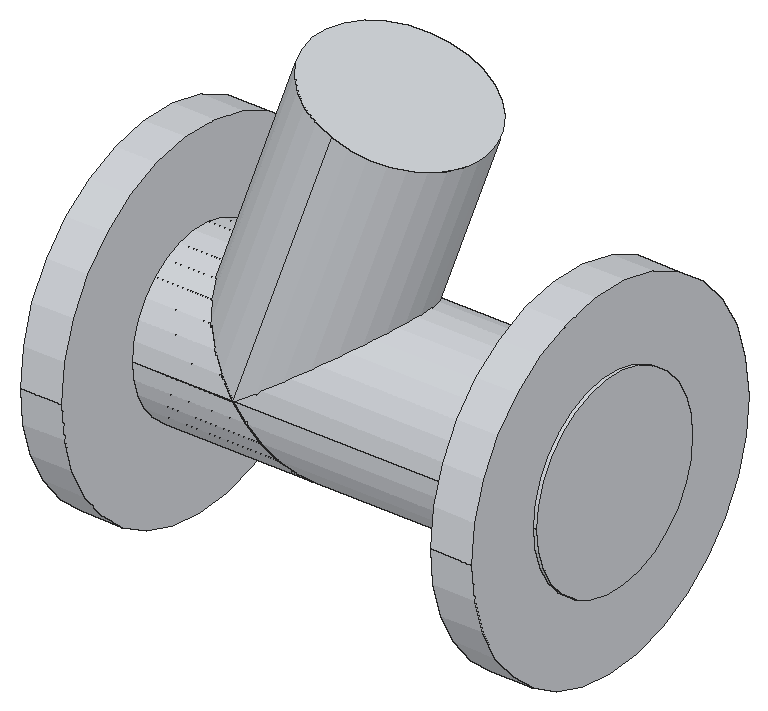
Revit family "447-DN040-RFA_2019", category Pipe Accessories, Revit 2019
Family settings
  Round Connector Dimension = Use Diameter
  Part Type = Valve - Breaks Into
  Work Plane-Based = No
  Always vertical = Yes
  Cut with Voids When Loaded = No
  Shared = No
Parameters (values of type "447-DN040")
  magiProductId = "1b02107dafeb4f5588628c478854c2"
  magiProductFamilyId = "b72cb932c1b3471491e3d369876ba1"
  magiPartTypeId = 304
  isMeasuringValve [instance] = no
  ang2D [instance] = 0.00°
  X2 = 42.71 mm
  X1 = 28 mm
  W2D = 100 mm
  VersionID = "2.0/2017.9.26.1/ZETKAMA_447_001"
  Use Minimum Symbol Size [instance] = yes
  URL = "http://www.hydronix.cz"
  Type Comments = "přírubový; PN16; -10~+120°C"
  S = 84 mm
  QmdConnectorList = "301;D;302;D"
  Productdata [instance] = ""
  Manufacturer = "Hydronix"
  MC Product Code = "447 040 (DN40; PN16 kvs22,36)"
  MC Piping Given Pressure Drop [instance] = 0.0 Pa
  LM1 = 16 mm
  LM = 160 mm
  L2D_Min = 3048 mm
  L2D = 350 mm
  L2 = 100 mm
  HH1 = 117.345 mm
  FD = 150 mm
  Description = "Ruční vyvažovací ventil přírubový; DN40; PN16; kvs22,36"
  DT = 74 mm
  D = 40 mm
  CC = 2 mm
  CAT0 = yes
  C1 = 18 mm
  C = 20 mm
Types (10, lengths in mm): name | magiProductId | X2 | X1 | S | MC Product Code | LM1 | LM | L2 | HH1 | FD | Description | DT | D | CC | C1 | C
  447-DN100 | "98b46d48787042dd9a812fc0797c69" | 79.261 | 49 | 156 | "447 100 (DN100; PN16 kvs184,7)" | 28 | 280 | 175 | 217.769 | 220 | "Ruční vyvažovací ventil přírubový; DN100; PN16; kvs184,7" | 130 | 100 | 3.5 | 31.5 | 35
  447-DN125 | "02b47ccb17f74d08923d86f3fe118e" | 86.541 | 56 | 184 | "447 125 (DN125; PN16 kvs285,1)" | 32 | 320 | 200 | 237.769 | 250 | "Ruční vyvažovací ventil přírubový; DN125; PN16; kvs285,1" | 130 | 125 | 4 | 36 | 40
  447-DN150 | "7f7b5672e2b748ca8839732ddacd1d" | 95.64 | 67.2 | 211 | "447 150 (DN150; PN16 kvs390,2)" | 38.4 | 384 | 240 | 262.769 | 285 | "Ruční vyvažovací ventil přírubový; DN150; PN16; kvs390,2" | 130 | 150 | 4.8 | 43.2 | 48
  447-DN200 | "e1019e6fc9b647ceac6d31797e2f53" | 155.411 | 84 | 266 | "447 200 (DN200; PN16 kvs710)" | 48 | 480 | 300 | 426.987 | 340 | "Ruční vyvažovací ventil přírubový; DN200; PN16; kvs710" | 310 | 200 | 6 | 54 | 60
  447-DN250 | "a0eac83e29f84220b7ba68901aa49e" | 171.789 | 102.2 | 319 | "447 250 (DN250; PN16 kvs1188)" | 58.4 | 584 | 365 | 471.987 | 405 | "Ruční vyvažovací ventil přírubový; DN250; PN16; kvs1188" | 310 | 250 | 7.3 | 65.7 | 73
  447-DN300 | "476300b2e87f4f20bd49d272c44436" | 175.429 | 119 | 370 | "447 300 (DN300; PN16 kvs1504)" | 68 | 680 | 425 | 481.987 | 460 | "Ruční vyvažovací ventil přírubový; DN300; PN16; kvs1504" | 310 | 300 | 8.5 | 76.5 | 85
  447-DN040 | "1b02107dafeb4f5588628c478854c2" | 42.71 | 28 | 84 | "447 040 (DN40; PN16 kvs22,36)" | 16 | 160 | 100 | 117.345 | 150 | "Ruční vyvažovací ventil přírubový; DN40; PN16; kvs22,36" | 74 | 40 | 2 | 18 | 20
  447-DN050 | "5ed7087ff739473a8b86e2dbbe5062" | 42.71 | 32.2 | 99 | "447 050 (DN50; PN16 kvs32,15)" | 18.4 | 184 | 115 | 117.345 | 165 | "Ruční vyvažovací ventil přírubový; DN50; PN16; kvs32,15" | 74 | 50 | 2.3 | 20.7 | 23
  447-DN065 | "bd77367604f142d88050bf73c88c7b" | 71.982 | 40.6 | 118 | "447 065 (DN65; PN16 kvs88,8)" | 23.2 | 232 | 145 | 197.769 | 185 | "Ruční vyvažovací ventil přírubový; DN65; PN16; kvs88,8" | 130 | 65 | 2.9 | 26.1 | 29
  447-DN080 | "7399fcf493614c92ad9035a8ac3adf" | 71.982 | 43.4 | 132 | "447 080 (DN80; PN16 kvs113,4)" | 24.8 | 248 | 155 | 197.769 | 200 | "Ruční vyvažovací ventil přírubový; DN80; PN16; kvs113,4" | 130 | 80 | 3.1 | 27.9 | 31
Reference planes
  plane 1 "Center (Front/Back)": y = 0
  plane 2 "XYPLANE": z = 0
  plane 3 "Center (Left/Right)": x = 0
  plane 4 "110": x = 6.71
  plane 5 "109": z = 117.345
  plane 6 "108": x = -36
  plane 7 "107": x = 98
  plane 8 "106": x = -98
  plane 9 "105": z = 0
  plane 10 "104": y = 0
  plane 11 "103": x = -100
  plane 12 "102": x = 100
  plane 13 "100": x = -80
  plane 14 "99": x = 80
  plane 15 "98": x = -64
Forms (mm)
  Extrusion 1, solid, visible <- "CAT0"
    sketch origin (-80, -750, 0) x (0, 1, 0) y (0, 0, 1)
      loop
        circle (750, 0) r 37
    from 0 to 160 <- "LM"
  Sweep 2, solid, visible <- "CAT0"
    path origin (750, 0, 0) x (-1, 0, 0) y (0, 0, 1)
      loop
        line (830, 0) -> (786, 0) -> (743.29, 117.345)
    profile origin (-80, 0, 0) x (0, 0, -1) y (0, 1, 0)
      loop
        circle (0, 0) r 37
  Extrusion 3, solid
    sketch origin (98, -750, 0) x (0, 1, 0) y (0, 0, 1)
      loop
        circle (750, 0) r 42
    from 0 to 2 <- "CC"
  Extrusion 4, solid
    sketch origin (80, -750, 0) x (0, 1, 0) y (0, 0, 1)
      loop
        circle (750, 0) r 75
    from 0 to 18 <- "C1"
  Extrusion 5, solid
    sketch origin (-98, -750, 0) x (0, 1, 0) y (0, 0, 1)
      loop
        circle (750, 0) r 75
    from 0 to 18 <- "C1"
  Extrusion 6, solid
    sketch origin (-100, -750, 0) x (0, 1, 0) y (0, 0, 1)
      loop
        circle (750, 0) r 42
    from 0 to 2 <- "CC"
  Extrusion 7, solid, not visible
    sketch origin (-100, -750, 0) x (0, 1, 0) y (0, 0, 1)
      loop
        circle (750, 0) r 10
    from 0 to 10
  Extrusion 8, solid, not visible
    sketch origin (100, -750, 0) x (0, 1, 0) y (0, 0, 1)
      loop
        circle (750, 0) r 10
    from 0 to -10
Lines and regions (mm)
  reference lines, not visible
    curve 1: circle (2, 2, 0) r 1 normal (0, 0, 1)
Dimensions and locks
  plane 1 "Center (Front/Back)" to curve 1 = 2 mm
  "X2": plane 6 "108" to plane 4 "110"
  "HH1": plane 2 "XYPLANE" to plane 5 "109"
  "X1": plane 15 "98" to plane 6 "108"
  "C1": plane 14 "99" to plane 7 "107"
  "CC": plane 11 "103" to plane 8 "106"
  locked: plane 2 "XYPLANE" to plane 9 "105"
  locked: plane 1 "Center (Front/Back)" to plane 10 "104"
  "L2": plane 3 "Center (Left/Right)" to plane 11 "103"
  "L2": plane 3 "Center (Left/Right)" to plane 12 "102"
  "C": plane 11 "103" to plane 13 "100"
  "LM": plane 13 "100" to plane 14 "99"
  "LM1": plane 13 "100" to plane 15 "98"
  Sweep 2 sketch curve to Sweep 2 sketch curve = 0 mm  (x2)
  "DT": diameter of Extrusion 1 sketch curve
  "DT": diameter of Sweep 2 sketch curve
  "S": diameter of Extrusion 3 sketch curve
  "FD": diameter of Extrusion 4 sketch curve
  "FD": diameter of Extrusion 5 sketch curve
  "S": diameter of Extrusion 6 sketch curve
  aligned and locked: level to plane 2 "XYPLANE"
  aligned and locked: plane 9 "105" to Extrusion 1 sketch curve
  aligned and locked: Extrusion 1 sketch curve to plane 10 "104"
  aligned and locked: plane 9 "105" to Sweep 2 sketch curve  (x3)
  aligned and locked: Sweep 2 sketch curve to plane 10 "104"
  aligned and locked: plane 13 "100" to Sweep 2 sketch curve
  aligned and locked: plane 6 "108" to Sweep 2 sketch curve
  aligned and locked: plane 4 "110" to Sweep 2 sketch curve
  aligned and locked: plane 5 "109" to Sweep 2 sketch curve
  aligned and locked: plane 9 "105" to Extrusion 3 sketch curve
  aligned and locked: Extrusion 3 sketch curve to plane 10 "104"
  aligned and locked: plane 9 "105" to Extrusion 4 sketch curve
  aligned and locked: Extrusion 4 sketch curve to plane 10 "104"
  aligned and locked: plane 9 "105" to Extrusion 5 sketch curve
  aligned and locked: Extrusion 5 sketch curve to plane 10 "104"
  aligned and locked: plane 9 "105" to Extrusion 6 sketch curve
  aligned and locked: Extrusion 6 sketch curve to plane 10 "104"
  aligned and locked: plane 9 "105" to Extrusion 7 sketch curve
  aligned and locked: Extrusion 7 sketch curve to plane 10 "104"
  aligned and locked: plane 9 "105" to Extrusion 8 sketch curve
  aligned and locked: Extrusion 8 sketch curve to plane 10 "104"
Automatic sketch dimensions
  plane 1 "Center (Front/Back)" to Extrusion 7 sketch curve = 10 mm
  plane 1 "Center (Front/Back)" to Extrusion 8 sketch curve = 10 mm
  plane 3 "Center (Left/Right)" to curve 1 = 2 mm
  radius of curve 1 = 1 mm
Connectors
  piping at (-100, 0, 0), diameter 40, driven by "D"
    settings: on Extrusion 7, index 1, connector inside diameter 609.6 mm, connector length 0 mm, flow factor 0, pipe flow 0.0 L/s, pressure drop 0.0 Pa, fitting loss kfactor 0, connector angle 0.00°, fixture units 0, engagement length 0 mm, angle of deflection 0.00°, flow configuration 0, flow direction 0, fitting loss method 0, system type 29, joint type 0, gender type 0, connector reference index 2, connector utility 0, adjustable connector no, is connector primary yes, connector description ""
  piping at (100, 0, 0), diameter 40, driven by "D"
    settings: on Extrusion 8, index 2, connector inside diameter 609.6 mm, connector length 0 mm, flow factor 0, pipe flow 0.0 L/s, pressure drop 0.0 Pa, fitting loss kfactor 0, connector angle 0.00°, fixture units 0, engagement length 0 mm, angle of deflection 0.00°, flow configuration 0, flow direction 0, fitting loss method 0, system type 29, joint type 0, gender type 0, connector reference index 1, connector utility 0, adjustable connector no, is connector primary no, connector description ""
